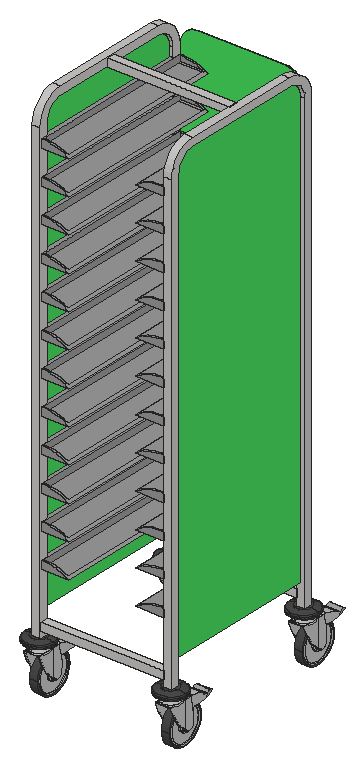
Revit family "QF_BOURGEAT_chariot_cafeteria_12plateaux_modele_haut_couleur", category Equipement spécialisé, Revit 2015
Parameters (values of type "chariot_modele_haut_glissieres_beiges_avec_3panneaux_verts")
  panneaux_lateraux_verts = yes
  panneaux_lateraux_rouges = no
  panneaux_lateraux_bleus = no
  panneaux_fond_verts = yes
  panneaux_fond_rouges = no
  panneaux_fond_bleus = no
  URL catalogue = "http://www.bourgeat.fr"
  URL = ""
  Type article = ""
  Spécification du Fabricant = "CHARIOT CAFETERIA"
  Profondeur hors tout = 620 mm
  Poids net à vide = 25.00 kg
  Modèle = "782603"
  Longueur hors tout = 510 mm
  Hauteur hors tout = 1700 mm
  Fabricant = "BOURGEAT"
  Contact SAV = "0033(0)4.76.32.14.44"
  Charge max = 60.00 kg
Types (8, lengths in mm): name | panneaux_lateraux_verts | panneaux_lateraux_rouges | panneaux_lateraux_bleus | panneaux_fond_verts | panneaux_fond_rouges | panneaux_fond_bleus | Poids net à vide | Modèle
  (no name) | yes | no | no | yes | no | no | 25.00 kg | "782603"
  chariot_modele_haut_glissieres_beiges_sans_panneaux | no | no | no | no | no | no | 17.00 kg | "782406"
  chariot_modele_haut_glissieres_beiges_avec_2panneaux_bleus | no | no | no | no | no | yes | 23.50 kg | "782506"
  chariot_modele_haut_glissieres_beiges_avec_2panneaux_verts | no | no | no | yes | no | no | 23.50 kg | "782606"
  chariot_modele_haut_glissieres_beiges_avec_2panneaux_rouges | no | no | no | no | yes | no | 23.50 kg | "782706"
  chariot_modele_haut_glissieres_beiges_avec_3panneaux_bleus | no | no | yes | no | no | yes | 25.00 kg | "782503"
  chariot_modele_haut_glissieres_beiges_avec_3panneaux_verts | yes | no | no | yes | no | no | 25.00 kg | "782603"
  chariot_modele_haut_glissieres_beiges_avec_3panneaux_rouges | no | yes | no | no | yes | no | 25.00 kg | "782703"
Reference planes
  plane 1 "Centre (avant/arrière)": y = 0
  plane 2: z = 0
  plane 3 "Centre (gauche/droite)": x = 0
  plane 4: z = 227.8
  plane 5: z = 182
  plane 6: z = 202.8
  plane 7: y = 12.5
  plane 8: y = -12.5
  plane 9: x = 219.5
  plane 10: x = -219.5
  plane 11: z = 1570
  plane 12: z = 1462
  plane 13: z = 1354
  plane 14: z = 1246
  plane 15: z = 1138
  plane 16: z = 1030
  plane 17: z = 922
  plane 18: z = 814
  plane 19: z = 706
  plane 20: z = 598
  plane 21: z = 490
  plane 22: z = 382
  plane 23: z = 1674
  plane 24: x = -194.5
Forms (mm)
  Extrusion 1, solid, material "Acier inoxydable, brossé"
    sketch origin (0, 0, 0) x (0, 1, 0) y (0, 0, 1)
      loop
        line (-274, 228) -> (-274, 202.8) -> (-249, 202.8) -> (-249, 228) -> (-274, 228)
      loop
        line (249, 202.8) -> (274, 202.8) -> (274, 228) -> (249, 228) -> (249, 202.8)
    from -194.5 to 194.5
  Extrusion 2, solid, material "Acier inoxydable, brossé"
    sketch origin (0, 0, 0) x (0, 1, 0) y (0, 0, 1)
      loop
        line (-12.5, 1703) -> (-12.5, 1678) -> (12.5, 1678) -> (12.5, 1703) -> (-12.5, 1703)
    from -194.5 to 194.5
Dimensions and locks
  plane 4 to plane 6 = 25 mm
  plane 10 to plane 9 = 439 mm
  Extrusion 2 to plane 2 = 1703 mm
  plane 4 to plane 2 = 227.8 mm
  Extrusion 2 to plane 4 = 1475.2 mm
  equal spacing: group 1, group 2, group 3, group 4, group 5, group 6, group 7, group 8, group 9, group 10, group 11, group 12  (x2)
  equal spacing: group 12, group 11, group 10, group 9, group 8, group 7, group 6, group 5, group 4, group 3, group 2, group 1
  aligned and locked: level to plane 2
  aligned and locked: plane 6 to Extrusion 1 sketch curve
  aligned and locked: Extrusion 1 sketch curve to plane 6
  aligned and locked: plane 10 to nested 4
  aligned and locked: plane 9 to nested 5
  aligned and locked: nested 4 to nested 1
  aligned and locked: nested 2 to nested 4
  aligned and locked: nested 3 to nested 5
  aligned and locked: nested 6 to nested 5
  aligned and locked: nested 5 to nested 6
  aligned and locked: Extrusion 1 to nested 5
  aligned and locked: Extrusion 1 to nested 4
  aligned and locked: Extrusion 2 sketch curve to nested 4  (x2)
  aligned and locked: Extrusion 2 sketch curve to plane 8
  aligned and locked: Extrusion 2 sketch curve to plane 7
  aligned and locked: Extrusion 2 to nested 5
  aligned and locked: Extrusion 2 to nested 4
  aligned and locked: plane 5 to nested 4
  aligned and locked: nested 5 to plane 5
  aligned and locked: plane 11 to nested 7
  aligned and locked: plane 24 to nested 7
  aligned and locked: plane 24 to nested 8
  aligned and locked: plane 24 to nested 4
  aligned and locked: plane 23 to nested 38
  aligned and locked: plane 23 to nested 32
  aligned and locked: plane 23 to nested 35
  aligned and locked: plane 23 to nested 39
  aligned and locked: plane 23 to nested 36
  aligned and locked: plane 23 to nested 37
  aligned and locked: nested 36 to nested 19
  aligned and locked: nested 37 to nested 19
  aligned and locked: nested 31 to nested 7
  aligned and locked: nested 34 to nested 7
  aligned and locked: nested 38 to nested 7
  aligned and locked: nested 32 to nested 19
  aligned and locked: nested 35 to nested 19
  aligned and locked: nested 39 to nested 19
Nested families
  nested 1: "ROULETTE_H182" at (-207, 261.5, 0), type "ROULETTE_H182"
    with Sans frein yes, Avec frein yes
  nested 2: "ROULETTE_H182" at (-207, -261.5, 0), type "ROULETTE_H182"
    with Sans frein yes, Avec frein yes
  nested 3: "ROULETTE_H182" at (207, -261.5, 0), type "ROULETTE_H182"
    with Sans frein yes, Avec frein yes
  nested 4: "montant_U_grand_modele" at (-207, 0, 182) x (0, 1, 0) z (0, 0, 1), type "montant_U_grand_modele"
  nested 5: "montant_U_grand_modele" at (207, 0, 182) x (0, 1, 0) z (0, 0, 1), type "montant_U_grand_modele"
  nested 6: "ROULETTE_H182" at (207, 261.5, 0), type "ROULETTE_H182"
    with Sans frein yes, Avec frein yes
  nested 7: "glissiere_polypropylene_beige" at (-204.5, 0, 1565), type "glissiere_polypropylene_beige"
  nested 8: "glissiere_polypropylene_beige" at (-204.5, 0, 1457), type "glissiere_polypropylene_beige"
  nested 9: "glissiere_polypropylene_beige" at (-204.5, 0, 1349), type "glissiere_polypropylene_beige"
  nested 10: "glissiere_polypropylene_beige" at (-204.5, 0, 1241), type "glissiere_polypropylene_beige"
  nested 11: "glissiere_polypropylene_beige" at (-204.5, 0, 1133), type "glissiere_polypropylene_beige"
  nested 12: "glissiere_polypropylene_beige" at (-204.5, 0, 1025), type "glissiere_polypropylene_beige"
  nested 13: "glissiere_polypropylene_beige" at (-204.5, 0, 917), type "glissiere_polypropylene_beige"
  nested 14: "glissiere_polypropylene_beige" at (-204.5, 0, 809), type "glissiere_polypropylene_beige"
  nested 15: "glissiere_polypropylene_beige" at (-204.5, 0, 701), type "glissiere_polypropylene_beige"
  nested 16: "glissiere_polypropylene_beige" at (-204.5, 0, 593), type "glissiere_polypropylene_beige"
  nested 17: "glissiere_polypropylene_beige" at (-204.5, 0, 485), type "glissiere_polypropylene_beige"
  nested 18: "glissiere_polypropylene_beige" at (-204.5, 0, 377), type "glissiere_polypropylene_beige"
  nested 19: "glissiere_polypropylene_beige" at (204.5, 0, 1565) x (-1, 0, 0) z (0, 0, 1), type "glissiere_polypropylene_beige"
  nested 20: "glissiere_polypropylene_beige" at (204.5, 0, 1457) x (-1, 0, 0) z (0, 0, 1), type "glissiere_polypropylene_beige"
  nested 21: "glissiere_polypropylene_beige" at (204.5, 0, 1349) x (-1, 0, 0) z (0, 0, 1), type "glissiere_polypropylene_beige"
  nested 22: "glissiere_polypropylene_beige" at (204.5, 0, 1241) x (-1, 0, 0) z (0, 0, 1), type "glissiere_polypropylene_beige"
  nested 23: "glissiere_polypropylene_beige" at (204.5, 0, 1133) x (-1, 0, 0) z (0, 0, 1), type "glissiere_polypropylene_beige"
  nested 24: "glissiere_polypropylene_beige" at (204.5, 0, 1025) x (-1, 0, 0) z (0, 0, 1), type "glissiere_polypropylene_beige"
  nested 25: "glissiere_polypropylene_beige" at (204.5, 0, 917) x (-1, 0, 0) z (0, 0, 1), type "glissiere_polypropylene_beige"
  nested 26: "glissiere_polypropylene_beige" at (204.5, 0, 809) x (-1, 0, 0) z (0, 0, 1), type "glissiere_polypropylene_beige"
  nested 27: "glissiere_polypropylene_beige" at (204.5, 0, 701) x (-1, 0, 0) z (0, 0, 1), type "glissiere_polypropylene_beige"
  nested 28: "glissiere_polypropylene_beige" at (204.5, 0, 593) x (-1, 0, 0) z (0, 0, 1), type "glissiere_polypropylene_beige"
  nested 29: "glissiere_polypropylene_beige" at (204.5, 0, 485) x (-1, 0, 0) z (0, 0, 1), type "glissiere_polypropylene_beige"
  nested 30: "glissiere_polypropylene_beige" at (204.5, 0, 377) x (-1, 0, 0) z (0, 0, 1), type "glissiere_polypropylene_beige"
  nested 31: "panneaux_lateraux_rouge_grand_modele" at (-208.5, 0, 254) x (0, 1, 0) z (0, 0, 1), visible <- "panneaux_lateraux_rouges", type "panneaux_lateraux_rouge_grand_modele"
  nested 32: "panneaux_lateraux_rouge_grand_modele" at (204.5, 0, 254) x (0, 1, 0) z (0, 0, 1), visible <- "panneaux_lateraux_rouges", type "panneaux_lateraux_rouge_grand_modele"
  nested 33: "panneaux_fond_rouge_grand_modele" at (0, 276.5, 254), visible <- "panneaux_fond_rouges", type "panneaux_fond_rouge_grand_modele"
  nested 34: "panneaux_lateraux_bleus_grand_modele" at (-208.5, 0, 254) x (0, 1, 0) z (0, 0, 1), visible <- "panneaux_lateraux_bleus", type "panneaux_lateraux_bleus_grand_modele"
  nested 35: "panneaux_lateraux_bleus_grand_modele" at (204.5, 0, 254) x (0, 1, 0) z (0, 0, 1), visible <- "panneaux_lateraux_bleus", type "panneaux_lateraux_bleus_grand_modele"
  nested 36: "panneaux_fond_bleus_grand_modele" at (0, 276.5, 254), visible <- "panneaux_fond_bleus", type "panneaux_fond_bleus_grand_modele"
  nested 37: "panneaux_fond_vert_grand_modele" at (0, 276.5, 254), visible <- "panneaux_fond_verts", type "panneaux_fond_vert_grand_modele"
  nested 38: "panneaux_lateraux_vert_grand_modele" at (-208.5, 0, 254) x (0, 1, 0) z (0, 0, 1), visible <- "panneaux_lateraux_verts", type "panneaux_lateraux_vert_grand_modele"
  nested 39: "panneaux_lateraux_vert_grand_modele" at (204.5, 0, 254) x (0, 1, 0) z (0, 0, 1), visible <- "panneaux_lateraux_verts", type "panneaux_lateraux_vert_grand_modele"
Definition of nested family "ROULETTE_H182"
  Parameters (values of type "ROULETTE_H182")
    Sans frein [instance] = yes
    Avec frein [instance] = yes
  Reference planes
    plane 1 "Centre (avant/arrière)": y = 0
    plane 2: z = 0
    plane 3 "Centre (gauche/droite)": x = 0
    plane 4: y = 40.851
    plane 5: z = 62.5
  Forms (mm)
    Extrusion 1, solid
      sketch origin (0, 0, 0) x (0, 1, 0) y (0, 0, 1)
        loop
          circle (40.851, 62.5) r 62.5
        loop
          circle (40.851, 62.5) r 57.5
      from -12.5 to 12.5
    Revolve 2, solid
      sketch origin (0, 0, 30.333) x (1, 0, 0) y (0, 0, 1)
        loop
          line (0, 151.667) -> (-25, 151.667) -> (-45.338, 146.217)
          arc (-45.338, 146.217) -> (-46.897, 145.175) -> (-47.5, 143.4) r 2.917
          line (-47.5, 143.4) -> (-47.5, 138.833)
          arc (-47.5, 138.833) -> (-47.012, 137.655) -> (-45.833, 137.167) r 1.667
          line (-45.833, 137.167) -> (-24.607, 137.167) -> (-24, 132.667) -> (0, 132.667) -> (0, 151.667)
        axis (0, 151.667) -> (0, 132.667)
      angle from 0 to 360
    Revolve 3, solid
      sketch origin (0, 0, 0) x (0, 1, 0) y (0, 0, 1)
        loop
          line (0, 163) -> (-20.149, 163) -> (-20.149, 159.41) -> (-21.6, 159.41)
          arc (-21.6, 159.41) -> (-24.448, 158.65) -> (-26.537, 156.572) r 5.712
          line (-26.537, 156.572) -> (-30.146, 147.743) -> (-26.999, 147.062) -> (-26.999, 146.112)
          arc (-26.999, 146.112) -> (-27.23, 145.314) -> (-27.849, 144.761) r 1.5
          arc (-27.849, 144.761) -> (-29.223, 143.633) -> (-29.923, 142) r 3.75
          line (-29.923, 142) -> (0, 142) -> (0, 163)
        axis (0, 163) -> (0, 142)
      angle from 0 to 360
    Extrusion 4, solid
      sketch origin (0, 0, 0) x (0, 1, 0) y (0, 0, -1)
        loop
          line (-29.974, -138.241) -> (-29.974, -142) -> (21.747, -142) -> (21.747, -60.336)
          arc (21.747, -60.336) -> (10.272, -70.702) -> (-0.149, -82.127) r 160.057
          arc (-0.149, -82.127) -> (-17.883, -108.684) -> (-29.974, -138.241) r 159.585
      from -24.913 to -23.038
    Extrusion 5, solid
      sketch origin (0, 0, 0) x (0, 1, 0) y (0, 0, 1)
        loop
          line (-29.974, 142) -> (-29.974, 140.869) -> (21.747, 140.869) -> (21.747, 142) -> (-29.974, 142)
      from -23.038 to 23.038
    Extrusion 6, solid
      sketch origin (0, 0, 0) x (0, 1, 0) y (0, 0, 1)
        loop
          circle (40.851, 62.5) r 57.5
        loop
          circle (40.851, 62.5) r 55
      from -12.5 to 12.5
    Extrusion 7, solid
      sketch origin (0, 0, 0) x (0, 1, 0) y (0, 0, 1)
        loop
          circle (40.851, 62.5) r 55
      from -7 to 7
    Extrusion 8, solid
      sketch origin (0, 0, 0) x (0, 1, 0) y (0, 0, 1)
        loop
          circle (40.851, 62.5) r 21
      from 7 to 15
    Extrusion 9, solid
      sketch origin (0, 0, 0) x (0, 1, 0) y (0, 0, -1)
        loop
          circle (40.851, -62.5) r 16
      from -23.038 to -15
    Extrusion 10, solid, visible <- "Sans frein"
      sketch origin (0, 0, 0) x (0, 1, 0) y (0, 0, 1)
        loop
          arc (21.747, 60.336) -> (23.188, 59.17) -> (24.642, 58.02) r 161.23
          arc (24.642, 58.02) -> (29.34, 54.513) -> (34.187, 51.216) r 133.333
          arc (34.187, 51.216) -> (46.517, 50.3) -> (53.927, 60.198) r 12.867
          arc (53.927, 60.198) -> (54.714, 99.183) -> (46.119, 137.216) r 161.222
          arc (46.119, 137.216) -> (45.679, 138.887) -> (45.531, 140.609) r 10.076
          line (45.531, 140.609) -> (45.531, 142) -> (21.747, 142) -> (21.747, 60.336)
      from 23.038 to 24.913
    Extrusion 11, solid, visible <- "Sans frein"
      sketch origin (0, 0, 0) x (0, 1, 0) y (0, 0, 1)
        loop
          line (21.747, 142) -> (21.747, 140.701) -> (48.851, 140.701) -> (48.851, 142) -> (21.747, 142)
      from -23.038 to 23.038
    Extrusion 12, solid, visible <- "Avec frein"
      sketch origin (0, 0, 0) x (0, 1, 0) y (0, 0, 1)
        loop
          line (21.747, 142) -> (21.747, 60.336)
          arc (21.747, 60.336) -> (23.177, 59.179) -> (24.62, 58.038) r 160.008
          arc (24.62, 58.038) -> (29.041, 54.705) -> (33.574, 51.527) r 160
          arc (33.574, 51.527) -> (46.135, 50.422) -> (53.724, 60.491) r 13
          arc (53.724, 60.491) -> (55.279, 82.092) -> (53.902, 103.704) r 160
          arc (53.902, 103.704) -> (55.53, 108.653) -> (60.415, 110.463) r 6
          arc (60.415, 110.463) -> (80.625, 109.924) -> (100.725, 112.107) r 150
          arc (100.725, 112.107) -> (104.408, 113.406) -> (107.479, 115.819) r 12
          line (107.479, 115.819) -> (110.851, 121.523)
          arc (110.851, 121.523) -> (85.913, 134.651) -> (58.706, 142) r 127.902
          line (58.706, 142) -> (21.747, 142)
      from 23.038 to 24.913
    Extrusion 13, solid, visible <- "Avec frein"
      sketch origin (0, 0, 0) x (0, 1, 0) y (0, 0, 1)
        loop
          line (58.706, 142) -> (21.747, 142) -> (21.747, 140) -> (58.552, 140)
          arc (58.552, 140) -> (85.253, 132.762) -> (109.73, 119.866) r 125.902
          line (109.73, 119.866) -> (110.851, 121.523)
          arc (110.851, 121.523) -> (85.913, 134.651) -> (58.706, 142) r 127.902
      from -23.038 to 23.038
    Extrusion 14, solid, visible <- "Avec frein"
      sketch origin (0, 19.896, 18.175) x (0, 1, 0) y (0, 0, 1)
        loop
          line (87.583, 97.644) -> (91.829, 95.227)
          arc (91.829, 95.227) -> (93.8, 95.006) -> (95.312, 96.29) r 2.5
          arc (95.312, 96.29) -> (103.495, 100.002) -> (111.176, 104.666) r 74.999
          line (111.176, 104.666) -> (110.852, 105.929)
          arc (110.852, 105.929) -> (110.04, 107.086) -> (108.666, 107.417) r 2
          arc (108.666, 107.417) -> (101.396, 105.849) -> (94.512, 103.034) r 42.354
          line (94.512, 103.034) -> (93.479, 101.228) -> (93.285, 100.414) -> (91.69, 101.675) -> (90.401, 102.412) -> (87.583, 97.644)
      from -23.038 to 23.038
    Extrusion 15, solid, not visible
      sketch origin (0, 0, 0) x (0, 1, 0) y (0, 0, -1)
        loop
          line (-29.974, -138.241) -> (-29.974, -142) -> (21.747, -142) -> (21.747, -60.336)
          arc (21.747, -60.336) -> (10.272, -70.702) -> (-0.149, -82.127) r 160.057
          arc (-0.149, -82.127) -> (-17.883, -108.684) -> (-29.974, -138.241) r 159.585
      from -24.913 to -23.038
    Extrusion 16, solid, not visible
      sketch origin (0, 0, 0) x (0, 1, 0) y (0, 0, 1)
        loop
          circle (40.851, 62.5) r 21
      from 7 to 15
    Extrusion 17, solid, not visible
      sketch origin (0, 0, 0) x (0, 1, 0) y (0, 0, -1)
        loop
          circle (40.851, -62.5) r 16
      from -23.038 to -15
    Extrusion 18, solid, visible <- "Sans frein", not visible
      sketch origin (0, 0, 0) x (0, 1, 0) y (0, 0, 1)
        loop
          arc (21.747, 60.336) -> (23.188, 59.17) -> (24.642, 58.02) r 161.23
          arc (24.642, 58.02) -> (29.34, 54.513) -> (34.187, 51.216) r 133.333
          arc (34.187, 51.216) -> (46.517, 50.3) -> (53.927, 60.198) r 12.867
          arc (53.927, 60.198) -> (54.714, 99.183) -> (46.119, 137.216) r 161.222
          arc (46.119, 137.216) -> (45.679, 138.887) -> (45.531, 140.609) r 10.076
          line (45.531, 140.609) -> (45.531, 142) -> (21.747, 142) -> (21.747, 60.336)
      from 23.038 to 24.913
    Extrusion 19, solid, visible <- "Avec frein", not visible
      sketch origin (0, 0, 0) x (0, 1, 0) y (0, 0, 1)
        loop
          line (21.747, 142) -> (21.747, 60.336)
          arc (21.747, 60.336) -> (23.177, 59.179) -> (24.62, 58.038) r 160.008
          arc (24.62, 58.038) -> (29.041, 54.705) -> (33.574, 51.527) r 160
          arc (33.574, 51.527) -> (46.135, 50.422) -> (53.724, 60.491) r 13
          arc (53.724, 60.491) -> (55.279, 82.092) -> (53.902, 103.704) r 160
          arc (53.902, 103.704) -> (55.53, 108.653) -> (60.415, 110.463) r 6
          arc (60.415, 110.463) -> (80.625, 109.924) -> (100.725, 112.107) r 150
          arc (100.725, 112.107) -> (104.408, 113.406) -> (107.479, 115.819) r 12
          line (107.479, 115.819) -> (110.851, 121.523)
          arc (110.851, 121.523) -> (85.913, 134.651) -> (58.706, 142) r 127.902
          line (58.706, 142) -> (21.747, 142)
      from 23.038 to 24.913
    Extrusion 20, solid
      sketch origin (0, 0, 0) x (0, -1, 0) y (0, 0, -1)
        loop
          arc (29.974, -138.241) -> (17.883, -108.684) -> (0.149, -82.127) r 159.585
          arc (0.149, -82.127) -> (-10.272, -70.702) -> (-21.747, -60.336) r 160.057
          line (-21.747, -60.336) -> (-21.747, -142) -> (29.974, -142) -> (29.974, -138.241)
      from -24.913 to -23.038
    Extrusion 21, solid
      sketch origin (0, 0, 0) x (0, -1, 0) y (0, 0, 1)
        loop
          circle (-40.851, 62.5) r 21
      from 7 to 15
    Extrusion 22, solid
      sketch origin (0, 0, 0) x (0, -1, 0) y (0, 0, -1)
        loop
          circle (-40.851, -62.5) r 16
      from -23.038 to -15
    Extrusion 23, solid, visible <- "Sans frein"
      sketch origin (0, 0, 0) x (0, -1, 0) y (0, 0, 1)
        loop
          line (-21.747, 60.336) -> (-21.747, 142) -> (-45.531, 142) -> (-45.531, 140.609)
          arc (-45.531, 140.609) -> (-45.679, 138.887) -> (-46.119, 137.216) r 10.076
          arc (-46.119, 137.216) -> (-54.714, 99.183) -> (-53.927, 60.198) r 161.222
          arc (-53.927, 60.198) -> (-46.517, 50.3) -> (-34.187, 51.216) r 12.867
          arc (-34.187, 51.216) -> (-29.34, 54.513) -> (-24.642, 58.02) r 133.333
          arc (-24.642, 58.02) -> (-23.188, 59.17) -> (-21.747, 60.336) r 161.23
      from 23.038 to 24.913
    Extrusion 24, solid, visible <- "Avec frein"
      sketch origin (0, 0, 0) x (0, -1, 0) y (0, 0, 1)
        loop
          line (-21.747, 142) -> (-58.706, 142)
          arc (-58.706, 142) -> (-85.913, 134.651) -> (-110.851, 121.523) r 127.902
          line (-110.851, 121.523) -> (-107.479, 115.819)
          arc (-107.479, 115.819) -> (-104.408, 113.406) -> (-100.725, 112.107) r 12
          arc (-100.725, 112.107) -> (-80.625, 109.924) -> (-60.415, 110.463) r 150
          arc (-60.415, 110.463) -> (-55.53, 108.653) -> (-53.902, 103.704) r 6
          arc (-53.902, 103.704) -> (-55.279, 82.092) -> (-53.724, 60.491) r 160
          arc (-53.724, 60.491) -> (-46.135, 50.422) -> (-33.574, 51.527) r 13
          arc (-33.574, 51.527) -> (-29.041, 54.705) -> (-24.62, 58.038) r 160
          arc (-24.62, 58.038) -> (-23.177, 59.179) -> (-21.747, 60.336) r 160.008
          line (-21.747, 60.336) -> (-21.747, 142)
      from 23.038 to 24.913
  Dimensions and locks
    aligned and locked: level to plane 2
Definition of nested family "montant_U_grand_modele"
  Reference planes
    plane 1 "Centre (avant/arrière)": y = 0
    plane 2: z = 0
    plane 3 "Centre (gauche/droite)": x = 0
    plane 4: x = -261.5
    plane 5: x = 261.5
    plane 6: z = 1508.5
  Forms (mm)
    Sweep 1, solid
      path origin (0, 0, 0) x (1, 0, 0) y (0, 0, 1)
        loop
          line (-261.5, 0) -> (-261.5, 1438.5)
          arc (-261.5, 1438.5) -> (-240.997, 1487.997) -> (-191.5, 1508.5) r 70
          line (-191.5, 1508.5) -> (191.5, 1508.5)
          arc (191.5, 1508.5) -> (240.997, 1487.997) -> (261.5, 1438.5) r 70
          line (261.5, 1438.5) -> (261.5, 0)
      profile origin (-261.5, 0, 719.25) x (-1, 0, 0) y (0, -1, 0)
        loop
          line (-12.5, -12.5) -> (12.5, -12.5) -> (12.5, 12.5) -> (-12.5, 12.5) -> (-12.5, -12.5)
  Dimensions and locks
    equal spacing: plane 4, plane 3 "Centre (gauche/droite)", plane 5
    plane 6 to plane 2 = 1508.5 mm
    Sweep 1 to Sweep 1 = 548 mm
    aligned and locked: level to plane 2
    aligned and locked: Sweep 1 sketch curve to plane 4
    aligned and locked: Sweep 1 sketch curve to plane 6
    aligned and locked: Sweep 1 sketch curve to plane 5
  Automatic sketch dimensions
    Sweep 1 sketch curve to level = 0 mm  (x2)
    Sweep 1 sketch curve to plane 4 = 70 mm
    Sweep 1 sketch curve to Sweep 1 sketch curve = 70 mm
    Sweep 1 sketch curve to plane 1 "Centre (avant/arrière)" = 12.5 mm
    plane 1 "Centre (avant/arrière)" to Sweep 1 sketch curve = 12.5 mm
    profile plane to Sweep 1 sketch curve = 12.5 mm
    Sweep 1 sketch curve to profile plane = 12.5 mm
Definition of nested family "glissiere_polypropylene_beige"
  Reference planes
    plane 1 "Centre (avant/arrière)": y = 0
    plane 2: z = 0
    plane 3 "Centre (gauche/droite)": x = 0
    plane 4: z = 25
    plane 5: x = 100
    plane 6: x = 22
    plane 7: y = 272.5
    plane 8: y = -272.5
    plane 9: x = 15
    plane 10: y = -267.5
    plane 11: z = 5
    plane 12: y = 267.5
    plane 13: y = 247.7
    plane 14: y = -247.7
    plane 15: x = 10
  Forms (mm)
    Extrusion 1, solid
      sketch origin (0, 0, 0) x (1, 0, 0) y (0, 0, 1)
        loop
          line (0, 25) -> (0, 0) -> (100, 0)
          arc (100, 0) -> (62.954, 18.597) -> (22, 25) r 134.18
          line (22, 25) -> (0, 25)
      from -272.5 to 272.5
    Extrusion 2, void
      sketch origin (0, 0, 0) x (0, 1, 0) y (0, 0, 1)
        loop
          line (-264, 5) -> (264, 5)
          arc (264, 5) -> (266.475, 6.025) -> (267.5, 8.5) r 3.5
          line (267.5, 8.5) -> (267.5, 43.902) -> (-267.5, 43.902) -> (-267.5, 8.5)
          arc (-267.5, 8.5) -> (-266.475, 6.025) -> (-264, 5) r 3.5
      from 15 to 250
    Extrusion 3, void
      sketch origin (0, 0, 0) x (1, 0, 0) y (0, 1, 0)
        loop
          line (10, 247.7) -> (10, 289.852) -> (-26.988, 289.852) -> (-26.988, 247.7) -> (10, 247.7)
        loop
          line (10, -247.7) -> (-17.716, -247.7) -> (-17.716, -285.125) -> (10, -285.125) -> (10, -247.7)
      from -29.595 to 250
  Cuts and joins
    Extrusion 2, Extrusion 3 cuts Extrusion 1
  Dimensions and locks
    aligned and locked: level to plane 2
    aligned and locked: Extrusion 1 sketch curve to plane 3 "Centre (gauche/droite)"
    aligned and locked: Extrusion 1 sketch curve to plane 2
    aligned and locked: Extrusion 1 sketch curve to plane 4
    aligned and locked: plane 7 to Extrusion 1
    aligned and locked: plane 8 to Extrusion 1
    aligned and locked: Extrusion 2 sketch curve to plane 11
    aligned and locked: Extrusion 2 sketch curve to plane 10
    aligned and locked: plane 12 to Extrusion 2 sketch curve
    aligned and locked: Extrusion 2 to plane 9
    aligned and locked: plane 13 to Extrusion 3 sketch curve
    aligned and locked: plane 15 to Extrusion 3 sketch curve
    aligned and locked: plane 14 to Extrusion 3 sketch curve
    aligned and locked: Extrusion 3 sketch curve to plane 15
Definition of nested family "panneaux_lateraux_rouge_grand_modele"
  Reference planes
    plane 1 "Centre (avant/arrière)": y = 0
    plane 2: z = 0
    plane 3 "Centre (gauche/droite)": x = 0
    plane 4: x = -244
    plane 5: x = 244
    plane 6: z = 1420
    plane 7: y = -4
  Forms (mm)
    Extrusion 1, solid
      sketch origin (0, 0, 0) x (1, 0, 0) y (0, 0, 1)
        loop
          arc (-191.5, 1420) -> (-228.623, 1404.623) -> (-244, 1367.5) r 52.5
          line (-244, 1367.5) -> (-244, 0) -> (244, 0) -> (244, 1367.5)
          arc (244, 1367.5) -> (228.623, 1404.623) -> (191.5, 1420) r 52.5
          line (191.5, 1420) -> (-191.5, 1420)
      from 0 to 4
  Dimensions and locks
    plane 6 to plane 2 = 1420 mm
    plane 4 to plane 3 "Centre (gauche/droite)" = 244 mm
    plane 5 to plane 3 "Centre (gauche/droite)" = 244 mm
    aligned and locked: level to plane 2
    aligned and locked: Extrusion 1 sketch curve to plane 6
    aligned and locked: Extrusion 1 sketch curve to plane 4
    aligned and locked: plane 2 to Extrusion 1 sketch curve
    aligned and locked: Extrusion 1 sketch curve to plane 5
    aligned and locked: Extrusion 1 to plane 7
Definition of nested family "panneaux_fond_rouge_grand_modele"
  Reference planes
    plane 1 "Centre (avant/arrière)": y = 0
    plane 2: z = 0
    plane 3 "Centre (gauche/droite)": x = 0
    plane 4: x = -189.5
    plane 5: x = 189.5
    plane 6: z = 1420
    plane 7: y = -4
  Forms (mm)
    Extrusion 1, solid
      sketch origin (0, 0, 0) x (1, 0, 0) y (0, 0, 1)
        loop
          arc (-137, 1420) -> (-174.123, 1404.623) -> (-189.5, 1367.5) r 52.5
          line (-189.5, 1367.5) -> (-189.5, 0) -> (189.5, 0) -> (189.5, 1367.5)
          arc (189.5, 1367.5) -> (174.123, 1404.623) -> (137, 1420) r 52.5
          line (137, 1420) -> (-137, 1420)
      from 0 to 4
  Dimensions and locks
    plane 6 to plane 2 = 1420 mm
    plane 4 to plane 3 "Centre (gauche/droite)" = 189.5 mm
    plane 5 to plane 3 "Centre (gauche/droite)" = 189.5 mm
    aligned and locked: level to plane 2
    aligned and locked: Extrusion 1 sketch curve to plane 6
    aligned and locked: Extrusion 1 sketch curve to plane 4
    aligned and locked: plane 2 to Extrusion 1 sketch curve
    aligned and locked: Extrusion 1 sketch curve to plane 5
    aligned and locked: Extrusion 1 to plane 7
Definition of nested family "panneaux_lateraux_bleus_grand_modele"
  Reference planes
    plane 1 "Centre (avant/arrière)": y = 0
    plane 2: z = 0
    plane 3 "Centre (gauche/droite)": x = 0
    plane 4: x = -244
    plane 5: x = 244
    plane 6: z = 1420
    plane 7: y = -4
  Forms (mm)
    Extrusion 1, solid
      sketch origin (0, 0, 0) x (1, 0, 0) y (0, 0, 1)
        loop
          arc (-191.5, 1420) -> (-228.623, 1404.623) -> (-244, 1367.5) r 52.5
          line (-244, 1367.5) -> (-244, 0) -> (244, 0) -> (244, 1367.5)
          arc (244, 1367.5) -> (228.623, 1404.623) -> (191.5, 1420) r 52.5
          line (191.5, 1420) -> (-191.5, 1420)
      from 0 to 4
  Dimensions and locks
    plane 4 to plane 3 "Centre (gauche/droite)" = 244 mm
    plane 5 to plane 3 "Centre (gauche/droite)" = 244 mm
    plane 6 to plane 2 = 1420 mm
    aligned and locked: level to plane 2
    aligned and locked: Extrusion 1 sketch curve to plane 6
    aligned and locked: Extrusion 1 sketch curve to plane 4
    aligned and locked: plane 2 to Extrusion 1 sketch curve
    aligned and locked: Extrusion 1 sketch curve to plane 5
    aligned and locked: Extrusion 1 to plane 7
Definition of nested family "panneaux_fond_bleus_grand_modele"
  Reference planes
    plane 1 "Centre (avant/arrière)": y = 0
    plane 2: z = 0
    plane 3 "Centre (gauche/droite)": x = 0
    plane 4: x = -189.5
    plane 5: x = 189.5
    plane 6: z = 1420
    plane 7: y = -4
  Forms (mm)
    Extrusion 1, solid
      sketch origin (0, 0, 0) x (1, 0, 0) y (0, 0, 1)
        loop
          arc (-137, 1420) -> (-174.123, 1404.623) -> (-189.5, 1367.5) r 52.5
          line (-189.5, 1367.5) -> (-189.5, 0) -> (189.5, 0) -> (189.5, 1367.5)
          arc (189.5, 1367.5) -> (174.123, 1404.623) -> (137, 1420) r 52.5
          line (137, 1420) -> (-137, 1420)
      from 0 to 4
  Dimensions and locks
    plane 4 to plane 3 "Centre (gauche/droite)" = 189.5 mm
    plane 5 to plane 3 "Centre (gauche/droite)" = 189.5 mm
    plane 6 to plane 2 = 1420 mm
    aligned and locked: level to plane 2
    aligned and locked: Extrusion 1 sketch curve to plane 6
    aligned and locked: Extrusion 1 sketch curve to plane 4
    aligned and locked: plane 2 to Extrusion 1 sketch curve
    aligned and locked: Extrusion 1 sketch curve to plane 5
    aligned and locked: Extrusion 1 to plane 7
Definition of nested family "panneaux_fond_vert_grand_modele"
  Reference planes
    plane 1 "Centre (avant/arrière)": y = 0
    plane 2: z = 0
    plane 3 "Centre (gauche/droite)": x = 0
    plane 4: x = -189.5
    plane 5: x = 189.5
    plane 6: z = 1420
    plane 7: y = -4
  Forms (mm)
    Extrusion 1, solid
      sketch origin (0, 0, 0) x (1, 0, 0) y (0, 0, 1)
        loop
          arc (-137, 1420) -> (-174.123, 1404.623) -> (-189.5, 1367.5) r 52.5
          line (-189.5, 1367.5) -> (-189.5, 0) -> (189.5, 0) -> (189.5, 1367.5)
          arc (189.5, 1367.5) -> (174.123, 1404.623) -> (137, 1420) r 52.5
          line (137, 1420) -> (-137, 1420)
      from 0 to 4
  Dimensions and locks
    plane 6 to plane 2 = 1420 mm
    plane 4 to plane 3 "Centre (gauche/droite)" to plane 5 = 189.5 mm, 189.5 mm
    aligned and locked: level to plane 2
    aligned and locked: Extrusion 1 sketch curve to plane 6
    aligned and locked: Extrusion 1 sketch curve to plane 4
    aligned and locked: plane 2 to Extrusion 1 sketch curve
    aligned and locked: Extrusion 1 sketch curve to plane 5
    aligned and locked: Extrusion 1 to plane 7
Definition of nested family "panneaux_lateraux_vert_grand_modele"
  Reference planes
    plane 1 "Centre (avant/arrière)": y = 0
    plane 2: z = 0
    plane 3 "Centre (gauche/droite)": x = 0
    plane 4: x = -244
    plane 5: x = 244
    plane 6: z = 1420
    plane 7: y = -4
  Forms (mm)
    Extrusion 1, solid
      sketch origin (0, 0, 0) x (1, 0, 0) y (0, 0, 1)
        loop
          arc (-191.5, 1420) -> (-228.623, 1404.623) -> (-244, 1367.5) r 52.5
          line (-244, 1367.5) -> (-244, 0) -> (244, 0) -> (244, 1367.5)
          arc (244, 1367.5) -> (228.623, 1404.623) -> (191.5, 1420) r 52.5
          line (191.5, 1420) -> (-191.5, 1420)
      from 0 to 4
  Dimensions and locks
    plane 6 to plane 2 = 1420 mm
    plane 4 to plane 3 "Centre (gauche/droite)" to plane 5 = 244 mm, 244 mm
    aligned and locked: level to plane 2
    aligned and locked: Extrusion 1 sketch curve to plane 6
    aligned and locked: Extrusion 1 sketch curve to plane 4
    aligned and locked: plane 2 to Extrusion 1 sketch curve
    aligned and locked: Extrusion 1 sketch curve to plane 5
    aligned and locked: Extrusion 1 to plane 7
